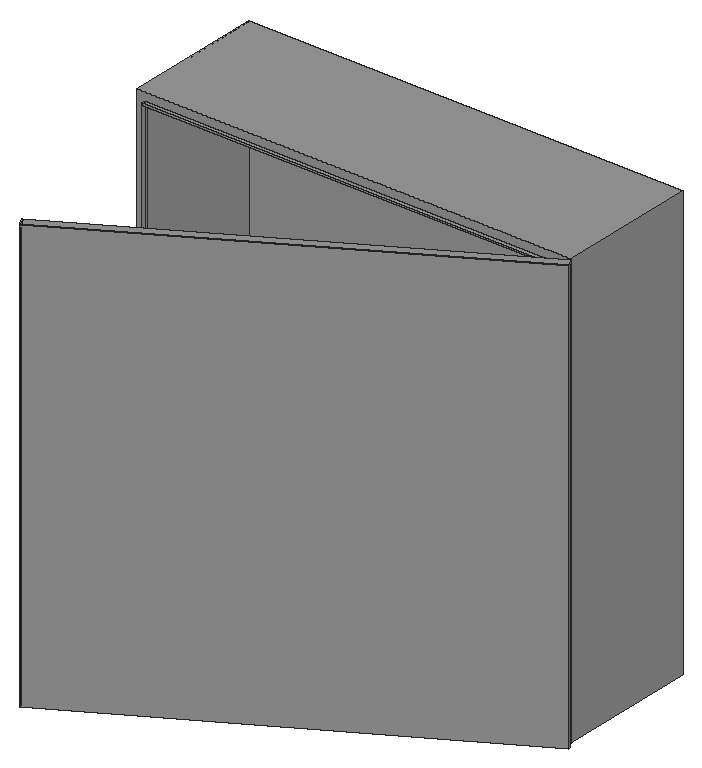
Revit family "Hager-Univers-IP55-D275-H800-Cl.II-Steel_encl-NoHosted-NL-en", category Equipement électrique, Revit 2020
Family settings
  Configuration du panneau = Deux colonnes, circuits au sein
  Cote de connecteur circulaire = Utiliser le diamètre
  Type d'élément = Tableau de raccordement
  Basée sur le plan de construction = Oui
  Toujours verticalement = Oui
  Couper avec des vides une fois chargée = Non
  Partagée = Non
  Point de calcul de pièce = Non
Parameters (values of type "Surface mounted (plaster) IP55 W800 H800 D275  - FR53S")
  Width Control [instance] = if([EF000008 - Width] > Min Width, [EF000008 - Width], Min Width)  # 800 mm
  Commentaires du type = [HG000003 - Range]  # "Univers"
  Thickness Door [instance] = if([EF009171 - Material plate thickness door/cover] > 3 mm, 3 mm, [EF009171 - Material plate thickness door/cover])  # 1.5 mm
  Seal Frame Offset [instance] = 17 mm  # constant formula
  Plinth Visibility [instance] = [HG000027 - Plinth height] > 0 mm  # no
  Min Width [instance] = 100 mm  # constant formula
  Min Depth [instance] = (2 * [EF009170 - Material plate thickness cabinet]) + 1 mm  # 4 mm
  Min Height [instance] = 100 mm  # constant formula
  Internal Frame Depth [instance] = (Door System Depth * 0.5)  # 9 mm
  Panel Name [instance] = ""  # (empty or 0)
  Model = ""
  HG000027 - Plinth height = 0 mm
  HG000026 - Floor standing = no
  HG000024 - Bottom section height = 600 mm
  HG000023 - Double section enclosure = no
  HG000016 - Door 3d visibility [instance] = yes
  HG000015 - Clearance visibility [instance] = no
  HG000014 - Door on the right [instance] = yes
  HG000013 - Door on the left [instance] = not([HG000014 - Door on the right])  # no
  HG000012 - Door swing angle [instance] = 30.00°
  HG000010 - Asymmetric doors = no
  HG000009 - Double swing door = no
  HG000006 - Flush mounted = no
  HG000004 - Manufacturer reference = "FR53S"
  HG000003 - Range = "Univers"
  HG000002 - With door or cover = yes
  Frame Offset Bottom [instance] = 10 mm  # constant formula
  Frame Offset [instance] = 15 mm  # constant formula
  EF015940 - Cover with overpressure release = no
  EF011959 - Degree of protection (NEMA) = ""
  EF009554 - Number of openings for flange plates = 6
  EF009212 - Cover model = "EV000116 - Closed"
  EF009171 - Material plate thickness door/cover = 1.5 mm
  EF009170 - Material plate thickness cabinet = 1.5 mm
  EF008873 - Nominal current (In) = 800 A
  EF007800 - Suitable for lightning protection = no
  EF006306 - With lock = no
  EF006244 - Transparent cover/door = no
  EF005474 - Degree of protection (IP) = "EV006420 - IP55"
  EF004464 - Type of door = "EV002646 - Single"
  EF004427 - Number of modules = 180
  EF004293 - Impact strength = "EV008784 - IK10"
  EF003532 - Suitable for outdoor use = no
  EF002950 - Width in number of modular spacings = 24
  EF001613 - Circuit integrity = "EV000494 - None"
  EF001596 - Material housing = "EV000179 - Steel"
  EF001131 - Internal depth = 275 mm
  EF001088 - Extension possible = yes
  EF000437 - Number of conduit inlets = 6
  EF000339 - Type of cover = "EV004216 - Door"
  EF000266 - Number of rows = 5
  EF000218 - Built-in depth = 0 mm
  EF000118 - With mounting plate = no
  EF000116 - RAL-number = "7035"
  EF000049 - Depth = 275 mm
  EF000040 - Height = 800 mm
  EF000008 - Width = 800 mm
  EF000007 - Colour = "EV000270 - Grey"
  EF000003 - Mounting method = "EV000384 - Surface mounted (plaster)"
  Door System Leaf Tolerance [instance] = 1.5 mm  # constant formula
  Door System Depth [instance] = 18 mm  # constant formula
  Door Height [instance] = Height Control - [HG000027 - Plinth height]  # 800 mm
  Description = ""
  Default Elevation = 1219.2 mm
  Connector Offset [instance] = Height Control / 2  # 400 mm
  Fabricant = "Hager"  # constant formula
  Height Control [instance] = if([EF000040 - Height] > Min Height, [EF000040 - Height], Min Height)  # 800 mm
  Depth Control [instance] = if([EF000049 - Depth] > Min Depth, [EF000049 - Depth], Min Depth)  # 275 mm
  Bottom Top Plate Trim [instance] = 1.5 mm  # constant formula
  Plinth height Ctrl [instance] = if([HG000027 - Plinth height] > 0 mm, [HG000027 - Plinth height], 12 mm)  # 12 mm
Types (5, lengths in mm): name | Width Control | HG000010 - Asymmetric doors | HG000009 - Double swing door | HG000004 - Manufacturer reference | EF009554 - Number of openings for flange plates | EF004464 - Type of door | EF004427 - Number of modules | EF000437 - Number of conduit inlets | EF000008 - Width
  Surface mounted (plaster) IP55 W1050 H800 D275  - FR54S | 1050 | no | yes | "FR54S" | 8 | "EV003602 - Double" | 240 | 8 | 1050
  Surface mounted (plaster) IP55 W1300 H800 D275  - FR55S | 1300 | yes | yes | "FR55S" | 10 | "EV003602 - Double" | 300 | 10 | 1300
  Surface mounted (plaster) IP55 W300 H800 D275  - FR51S | 300 | no | no | "FR51S" | 2 | "EV002646 - Single" | 60 | 2 | 300
  Surface mounted (plaster) IP55 W550 H800 D275  - FR52S | 550 | no | no | "FR52S" | 4 | "EV002646 - Single" | 120 | 4 | 550
  Surface mounted (plaster) IP55 W800 H800 D275  - FR53S | 800 | no | no | "FR53S" | 6 | "EV002646 - Single" | 180 | 6 | 800
Reference planes
  plane 1 "Center (Front/Back)": y = 0
  plane 2: z = 0
  plane 3 "Center (Left/Right)": x = 0
  plane 4: y = 0
  plane 5: y = 0
  plane 6: z = 0
  plane 7: x = -400
  plane 8: x = 400
  plane 9: x = 398.5
  plane 10: x = -398.5
  plane 11: z = 0
  plane 12: z = 1.5
  plane 13: y = -275
  plane 14: y = -1.5
  plane 15: x = 0
  plane 16: y = -257
  plane 17: y = -273.5
  plane 18: y = -255.5
  plane 19: x = -383.5
  plane 20: x = 383.5
  plane 21: z = 11.5
  plane 22: x = -383
  plane 23: x = 383
  plane 24: z = 0
  plane 25: z = 800
  plane 26: z = 800
  plane 27: z = 783.5
  plane 28: z = 798.5
Forms (mm)
  Extrusion 1, solid, material "Hager_Steel_RAL7035_Light_Grey", detail levels medium+fine
    sketch origin (-208.679, -4572, 0) x (-1, 0, 0) y (0, -1, 0)
      loop
        line (191.321, -4315) -> (-608.679, -4315) -> (-608.679, -4572) -> (191.321, -4572) -> (191.321, -4315)
    from 0 to 800
  Extrusion 2, void
    sketch origin (-350.771, -275, 1219.2) x (1, 0, 0) y (0, 0, 1)
      loop
        line (-47.729, -420.7) -> (-47.729, -1217.7) -> (749.271, -1217.7) -> (749.271, -420.7) -> (-47.729, -420.7)
    from -19.5 to -273.5
  Extrusion 3, void
    sketch origin (-290.084, -257, 1219.2) x (1, 0, 0) y (0, 0, 1)
      loop
        line (-93.416, -1207.7) -> (673.584, -1207.7) -> (673.584, -435.7) -> (-93.416, -435.7) -> (-93.416, -1207.7)
    from 0 to -1.5
  Extrusion 4, solid, material "Hager_Steel_RAL7035_Light_Grey", visible <- "Plinth Visibility", detail levels medium+fine
    sketch origin (0, 0, 0) x (1, 0, 0) y (0, 1, 0)
      loop
        line (-400, 0) -> (-400, -257) -> (400, -257) -> (400, 0) -> (-400, 0)
    from 0 to 12 <- "Plinth height Ctrl"
  Extrusion 5, solid, material "Hager_Steel_RAL7035_Light_Grey", detail levels coarse
    sketch origin (0, 0, 0) x (1, 0, 0) y (0, 1, 0)
      loop
        line (-400, 0) -> (-400, -275) -> (400, -275) -> (400, 0) -> (-400, 0)
    from 0 to 800 <- "Height Control"
  Sweep 6, void
    path in 3D
      loop
        line (-400, -257, 12) -> (400, -257, 12) -> (400, 0, 12) -> (-400, 0, 12) -> (-400, -257, 12)
    profile origin (-400, -128.5, 12) x (1, 0, 0) y (0, 0, 1)
      loop
        line (0, 0) -> (0, -1.5) -> (1.5, -1.5)
        arc (1.5, -1.5) -> (1.061, -0.439) -> (0, 0) r 1.5
  Extrusion 7, solid, material "Hager_Steel_RAL7035_Light_Grey", detail levels fine
    sketch origin (-400, -257, 0) x (1, 0, 0) y (0, 0, 1)
      loop
        line (16.5, 11.5) -> (783.5, 11.5) -> (783.5, 783.5) -> (16.5, 783.5) -> (16.5, 11.5)
      loop
        line (15, 10) -> (785, 10) -> (785, 785) -> (15, 785) -> (15, 10)
    from 0 to 9 <- "Internal Frame Depth"
Cuts and joins
  Extrusion 2, Extrusion 3 cuts Extrusion 1
  Sweep 6 cuts Extrusion 4
Lines and regions (mm)
  Masking region 1
    outline origin (0, 0, 0) x (1, 0, 0) y (0, 1, 0)
      loop
        line (-400, 0) -> (-400, -275) -> (400, -275) -> (400, 0) -> (-400, 0)
  Masking region 2, detail levels coarse
    outline origin (-290.084, -257, 1219.2) x (-1, 0, 0) y (0, 0, 1)
      loop
        line (-690.084, -1219.2) -> (109.916, -1219.2) -> (109.916, -419.2) -> (-690.084, -419.2) -> (-690.084, -1219.2)
  Masking region 3, detail levels coarse
    outline origin (0, 0, 0) x (0, 1, 0) y (0, 0, 1)
      loop
        line (0, 0) -> (0, 800) -> (-275, 800) -> (-275, 0) -> (0, 0)
  Masking region 4, visible <- "Plinth Visibility", detail levels medium+fine
    outline origin (0, 0, 0) x (0, 1, 0) y (0, 0, 1)
      loop
        line (-1.5, 12) -> (-255.5, 12)
        arc (-255.5, 12) -> (-255.939, 10.939) -> (-257, 10.5) r 1.5
        line (-257, 10.5) -> (-257, 0) -> (0, 0) -> (0, 10.5)
        arc (0, 10.5) -> (-1.061, 10.939) -> (-1.5, 12) r 1.5
  Masking region 5, detail levels medium+fine
    outline origin (0, 0, 594.038) x (0, 1, 0) y (0, 0, 1)
      loop
        line (0, -594.038) -> (0, 205.962) -> (-257, 205.962) -> (-257, -594.038) -> (0, -594.038)
  Masking region 6, detail levels medium+fine
    outline origin (-359.7, -257, 1211.883) x (-1, 0, 0) y (0, 0, 1)
      loop
        line (-759.7, -1211.883) -> (40.3, -1211.883) -> (40.3, -411.883) -> (-759.7, -411.883) -> (-759.7, -1211.883)
  Masking region 7, visible <- "Plinth Visibility", detail levels medium+fine
    outline origin (-320.334, -257, 1041.368) x (-1, 0, 0) y (0, 0, 1)
      loop
        line (-720.334, -1041.368) -> (79.666, -1041.368) -> (79.666, -1030.868)
        arc (79.666, -1030.868) -> (78.606, -1030.429) -> (78.166, -1029.368) r 1.5
        line (78.166, -1029.368) -> (-718.834, -1029.368)
        arc (-718.834, -1029.368) -> (-719.273, -1030.429) -> (-720.334, -1030.868) r 1.5
        line (-720.334, -1030.868) -> (-720.334, -1041.368)
  sketch lines
    curve 1: line (-400, 0, 12) -> (-400, -257, 12)
    curve 2: line (-400, -257, 12) -> (400, -257, 12)
    curve 3: line (400, 0, 12) -> (-400, 0, 12)
    curve 4: line (400, -257, 12) -> (400, 0, 12)
Dimensions and locks
  locked: plane 1 "Center (Front/Back)" to plane 5
  "EF009170 - Material plate thickness cabinet": plane 7 to plane 10
  "EF009170 - Material plate thickness cabinet": plane 8 to plane 9
  equal spacing: plane 7, plane 3 "Center (Left/Right)", plane 8
  "Width Control": plane 7 to plane 8
  "Depth Control": plane 4 to plane 13
  "EF009170 - Material plate thickness cabinet": plane 4 to plane 14
  "Height Control": plane 25 to level
  "HG000027 - Plinth height": plane 11 to level
  "EF009170 - Material plate thickness cabinet": plane 12 to plane 11
  "EF009170 - Material plate thickness cabinet": plane 17 to plane 13
  "EF009170 - Material plate thickness cabinet": plane 18 to plane 16
  "Frame Offset Bottom": plane 21 to plane 12
  "Frame Offset": plane 10 to plane 19
  "Frame Offset": plane 9 to plane 20
  "Door System Depth": plane 16 to plane 13
  "Seal Frame Offset": plane 7 to plane 22
  "Seal Frame Offset": plane 8 to plane 23
  "EF009170 - Material plate thickness cabinet": plane 26 to plane 28
  "Frame Offset": plane 28 to plane 27
  "Connector Offset": plane 2 to connector elem
  "Bottom Top Plate Trim": profile plane to Sweep 6 sketch curve
  "Bottom Top Plate Trim": Sweep 6 sketch curve to Sweep 6 sketch curve
  "Plinth height Ctrl": Masking region 4 sketch curve to level
  "Plinth height Ctrl": Masking region 7 sketch curve to level
  "Thickness Door": Extrusion 7 sketch curve to Extrusion 7 sketch curve  (x4)
  "Bottom Top Plate Trim": radius of Sweep 6 sketch curve
  "Bottom Top Plate Trim": radius of Masking region 4 sketch curve  (x2)
  "Bottom Top Plate Trim": radius of Masking region 7 sketch curve  (x2)
  aligned and locked: Extrusion 2 sketch curve to plane 12
  aligned and locked: Extrusion 2 sketch curve to plane 9
  aligned and locked: Extrusion 2 sketch curve to plane 10
  aligned and locked: Extrusion 2 to plane 14
  aligned and locked: Extrusion 1 sketch curve to plane 4
  aligned and locked: plane 8 to Extrusion 1 sketch curve
  aligned and locked: plane 7 to Extrusion 1 sketch curve
  aligned and locked: Extrusion 2 to plane 18
  aligned and locked: Extrusion 3 sketch curve to plane 19
  aligned and locked: plane 20 to Extrusion 3 sketch curve
  aligned and locked: Extrusion 3 to Extrusion 2
  aligned and locked: Extrusion 3 sketch curve to plane 21
  aligned and locked: plane 3 "Center (Left/Right)" to nested 1
  aligned and locked: Extrusion 1 sketch curve to plane 16
  aligned and locked: Extrusion 4 sketch curve to cut or joined group of Extrusion 1, Extrusion 2, Extrusion 3
  aligned and locked: Masking region 1 sketch curve to plane 7
  aligned and locked: Masking region 1 sketch curve to plane 5
  aligned and locked: Masking region 1 sketch curve to plane 8
  aligned and locked: Masking region 2 sketch curve to level
  aligned and locked: level to Masking region 3 sketch curve
  aligned and locked: plane 1 "Center (Front/Back)" to Masking region 3 sketch curve
  aligned and locked: plane 13 to Masking region 3 sketch curve
  aligned and locked: plane 5 to Masking region 4 sketch curve
  aligned and locked: Masking region 2 sketch curve to plane 8
  aligned and locked: Masking region 2 sketch curve to plane 7
  aligned and locked: plane 7 to nested 2
  aligned and locked: nested 2 to plane 5
  aligned and locked: plane 5 to Masking region 5 sketch curve
  aligned and locked: plane 26 to Masking region 5 sketch curve
  aligned and locked: Extrusion 5 sketch curve to plane 8
  aligned and locked: Extrusion 5 sketch curve to plane 7
  aligned and locked: Extrusion 5 sketch curve to plane 5
  aligned and locked: Extrusion 3 sketch curve to plane 27
  aligned and locked: Extrusion 2 sketch curve to plane 28
  aligned and locked: Masking region 2 to plane 25
  aligned and locked: Extrusion 4 to plane 16
  aligned and locked: profile plane to Sweep 6 sketch curve
  aligned and locked: Masking region 5 sketch curve to plane 24
  aligned and locked: level to Masking region 4 sketch curve
  aligned and locked: Masking region 1 to plane 13
  aligned and locked: nested 1 to plane 16
  aligned and locked: Masking region 3 to plane 25
  aligned and locked: plane 16 to Masking region 4 sketch curve
  aligned and locked: Masking region 5 sketch curve to plane 16
  aligned and locked: plane 24 to plane 11
  aligned and locked: plane 26 to plane 25
  aligned and locked: plane 26 to cut or joined group of Extrusion 1, Extrusion 2, Extrusion 3
  aligned and locked: nested 1 to plane 24
  aligned and locked: Extrusion 1 to Extrusion 3
  aligned and locked: Masking region 6 sketch curve to plane 8
  aligned and locked: Masking region 6 sketch curve to plane 24
  aligned and locked: Masking region 6 sketch curve to plane 7
  aligned and locked: Masking region 6 sketch curve to plane 26
  aligned and locked: Masking region 7 sketch curve to plane 7
  aligned and locked: level to Masking region 7 sketch curve
  aligned and locked: Masking region 7 sketch curve to plane 8
  aligned and locked: Extrusion 7 sketch curve to cut or joined group of Extrusion 1, Extrusion 2, Extrusion 3  (x4)
Automatic sketch dimensions
  plane 19 to Extrusion 3 sketch curve = 0 mm
  Extrusion 3 sketch curve to plane 20 = 0 mm
  Extrusion 3 sketch curve to plane 21 = 0 mm
  Extrusion 4 sketch curve to plane 7 = 0 mm
  Extrusion 4 sketch curve to plane 8 = 0 mm
  Extrusion 4 sketch curve to plane 16 = 0 mm
  Masking region 1 sketch curve to plane 13 = 0 mm
  Masking region 2 sketch curve to plane 25 = 0 mm
  Masking region 3 sketch curve to plane 25 = 0 mm
  Extrusion 5 sketch curve to plane 13 = 0 mm
  profile plane to Sweep 6 sketch curve = 0 mm
Nested families
  nested 1: "EC000058_Univers_Door" at (0, -257, 0), Double <- "HG000009 - Double swing door", Transparent <- "EF006244 - Transparent cover/door", Angle <- "HG000012 - Door swing angle", Door_Right <- "HG000014 - Door on the right", Assymetrical <- "HG000010 - Asymmetric doors", Door <- "HG000002 - With door or cover", Width_Ctrl <- "Width Control", 3d_Door <- "HG000016 - Door 3d visibility", Clearance <- "HG000015 - Clearance visibility", Door_Left <- "HG000013 - Door on the left", Width <- "Width Control", Door_Depth <- "Door System Depth", Leaf_Tolerance <- "Door System Leaf Tolerance", Height <- "Door Height", Lock_Visibility <- "EF006306 - With lock", Thickness <- "Thickness Door", type "EC000058_Univers_Door", detail levels medium+fine
    with min_wh 4 mm, Width_Ctrl 800 mm, Width 800 mm, Transparent no, Thickness 1.5 mm, Seal_Material Hager_Rubber, Lock_Visibility no, Lock_Material Hager_Plastic_RAL9005_Jet_Black, Leaf_Width 800 mm, Leaf_Tolerance_External_Sides 0 mm, Leaf_Tolerance 1.5 mm, Leaf_Offset 0 mm, Leaf_Height 797 mm, Leaf_2_Width 800 mm, Leaf_2_Offset 400 mm, Leaf_1_Width 800 mm, Leaf_1_Offset 400 mm, Height_Ctrl 800 mm, Height 800 mm, Glass_Material Hager_Glass, Double_Clearance_Ctrl no, Double no, Door_Right_Ctrl yes, Door_Right yes, Door_Material Hager_Steel_RAL7035_Light_Grey, Door_Left_Ctrl no, Door_Left no, Door_Depth 18 mm, Door yes, Clearance_Material Hager_Clearance, Clearance_Depth 800 mm, Clearance_Ctrl no, Clearance no, Assymetrical no, Angle 30.00°, 3d_Door yes
  nested 2: "Hager_Enclosure_Symbol" at (-400, 0, 0), Height <- "Depth Control", Width <- "Width Control", type "Hager_Enclosure_Symbol"
    with Width_Ctrl 800 mm, Width 800 mm, Height_Ctrl 275 mm, Height 275 mm, A_Width_Int 18.047 mm, A_Width 216.562 mm, A_Height_Ctrl 240.625 mm, A_Height 240.625 mm
Connectors
  electrical at (0, 0, 400)
    settings: on plane 1 "Center (Front/Back)", index 1, voltage 0 V, apparent load 0 VA, apparent load phase1 0 VA, apparent load phase2 0 VA, apparent load phase3 0 VA, power factor 1, load classification "Other", number of poles 1, system type 30, power factor state 1, is connector primary yes, connector utility no, sub classification motor no, connector description ""
Definition of nested family "EC000058_Univers_Door"
  Parameters (values of type "EC000058_Univers_Door")
    min_wh [instance] = (2 * Thickness) + 1 mm  # 11 mm
    Width_Ctrl [instance] = 400 mm
    Width [instance] = 500 mm
    Transparent [instance] = yes
    Thickness [instance] = 5 mm
    Seal_Material [instance] = none
    Lock_Visibility [instance] = yes
    Lock_Material [instance] = none
    Leaf_Width [instance] = if((Width_Ctrl - 2 * Leaf_Tolerance_External_Sides) > 0 mm, (Width_Ctrl - 2 * Leaf_Tolerance_External_Sides), min_wh)  # 400 mm
    Leaf_Tolerance_External_Sides [instance] = 0 mm  # constant formula
    Leaf_Tolerance [instance] = 1.5 mm
    Leaf_Offset [instance] = 0 mm  # constant formula
    Leaf_Height [instance] = if((Height_Ctrl - 2 * Leaf_Tolerance) > 0 mm, (Height_Ctrl - 2 * Leaf_Tolerance), min_wh)  # 497 mm
    Leaf_2_Width [instance] = if(and(and(Double, Assymetrical), Door_Left), (Leaf_Width / 3) - (Leaf_Tolerance / 2), if(and(and(Double, Assymetrical), Door_Right), (Leaf_Width / 3) * 2 - (Leaf_Tolerance / 2), if(and(Double, not(Assymetrical)), (Leaf_Width / 2) - Leaf_Tolerance, Leaf_Width)))  # 400 mm
    Leaf_2_Offset [instance] = if(and(Double, Assymetrical), Leaf_2_Width / 2, if(and(Double, not(Assymetrical)), Leaf_Width / 4, Leaf_Width / 2))  # 200 mm
    Leaf_1_Width [instance] = if(and(and(Double, Assymetrical), Door_Right), (Leaf_Width / 3) - (Leaf_Tolerance / 2), if(and(and(Double, Assymetrical), Door_Left), (Width / 3) * 2 - (Leaf_Tolerance / 2), if(and(Double, not(Assymetrical)), (Leaf_Width / 2) - Leaf_Tolerance, Leaf_Width)))  # 400 mm
    Leaf_1_Offset [instance] = if(and(Double, Assymetrical), Leaf_1_Width / 2, if(and(Double, not(Assymetrical)), Leaf_Width / 4, Leaf_Width / 2))  # 200 mm
    Height_Ctrl [instance] = if(Height > min_wh, Height, min_wh)  # 500 mm
    Height [instance] = 500 mm
    Glass_Material [instance] = none
    Double_Clearance_Ctrl [instance] = and(Double, Clearance)  # no
    Double [instance] = no
    Door_Right_Ctrl [instance] = and(or(Door_Right, Double), Door)  # yes
    Door_Right [instance] = yes
    Door_Material [instance] = none
    Door_Left_Ctrl [instance] = and(or(Door_Left, Double), Door)  # no
    Door_Left [instance] = no
    Door_Depth [instance] = 30 mm
    Door [instance] = yes
    Default Elevation = 1219.2 mm
    Clearance_Material [instance] = none
    Clearance_Depth [instance] = if(Leaf_1_Width > Leaf_2_Width, Leaf_1_Width, Leaf_2_Width)  # 400 mm
    Clearance_Ctrl [instance] = and(not(Double), Clearance)  # yes
    Clearance [instance] = yes
    Assymetrical [instance] = yes
    Angle [instance] = 30.00°
    3d_Door [instance] = yes
  Reference planes
    plane 1 "Center (Front/Back)": y = 0
    plane 2 "Bottom": z = 0
    plane 3 "Center (Left/Right)": x = 0
    plane 4: z = 500
    plane 5: x = -200
    plane 6: x = 200
    plane 7: z = 500
    plane 8: x = -200
    plane 9: z = 0
    plane 10: x = 200
    plane 11: y = 0
    plane 12: z = 1.5
    plane 13: x = -600
    plane 14: y = -400
    plane 15: x = 600
    plane 16: x = 0
    plane 17: x = 0
    plane 18: x = -200
    plane 19: x = 200
    plane 20: z = 498.5
  Forms (mm)
    Extrusion 1, solid, material <- "Clearance_Material", visible <- "Double_Clearance_Ctrl"
      sketch origin (1200, 0, 0) x (1, 0, 0) y (0, 0, -1)
        loop
          line (-1800, -498.5) -> (-600, -498.5) -> (-600, 0) -> (-1800, 0) -> (-1800, -498.5)
      from 0 to -400
  Dimensions and locks
    equal spacing: plane 5, plane 3 "Center (Left/Right)", plane 6
    "Width_Ctrl": plane 5 to plane 6
    "Leaf_Offset": plane 5 to plane 8
    "Leaf_Offset": plane 6 to plane 10
    "Leaf_Offset": plane 9 to level
    "Leaf_Offset": plane 4 to plane 7
    "Height_Ctrl": plane 4 to level
    "Leaf_Tolerance": plane 12 to plane 9
    locked: plane 11 to plane 1 "Center (Front/Back)"
    "Leaf_1_Offset": plane 18 to plane 16
    "Leaf_2_Offset": plane 17 to plane 19
    "Leaf_1_Width": plane 13 to plane 8
    "Leaf_2_Width": plane 10 to plane 15
    "Clearance_Depth": plane 14 to plane 1 "Center (Front/Back)"
    "Leaf_Tolerance_External_Sides": plane 8 to plane 18
    "Leaf_Tolerance_External_Sides": plane 19 to plane 10
    "Leaf_Tolerance": plane 7 to plane 20
    aligned and locked: level to plane 2 "Bottom"
    aligned and locked: nested 1 to plane 16
    aligned and locked: nested 2 to plane 17
    aligned and locked: Extrusion 1 to plane 13
    aligned and locked: plane 15 to Extrusion 1
    aligned and locked: Extrusion 1 to plane 14
    aligned and locked: plane 12 to nested 1
    aligned and locked: nested 2 to plane 12
    aligned and locked: Extrusion 1 to plane 11
    aligned and locked: plane 20 to Extrusion 1
    aligned and locked: nested 2 to plane 11
    aligned and locked: nested 1 to plane 11
  Automatic sketch dimensions
    Extrusion 1 sketch curve to level = 0 mm
    plane 5 to Extrusion 1 sketch curve = 400 mm
    plane 6 to Extrusion 1 sketch curve = 400 mm
    Extrusion 1 sketch curve to plane 4 = 1.5 mm
  Nested families
    nested 1: "EC000058_Univers_Door_Leaf" at (0, 0, 1.5), Width <- "Leaf_1_Width", visible <- "Door_Left_Ctrl", Leaf_Height <- "Leaf_Height", Angle <- "Angle", 3d_Door <- "3d_Door", Transparent <- "Transparent", Clearance Material <- "Clearance_Material", Clearance <- "Clearance_Ctrl", Door_Material <- "Door_Material", Glass_Material <- "Glass_Material", Door_Depth <- "Door_Depth", Lock_Material <- "Lock_Material", Seal_Material <- "Seal_Material", Lock_Visibility <- "Lock_Visibility", Thickness <- "Thickness", type "EC000058_Univers_Door_Leaf"
      with Width 400 mm, Transparent_Glass_Offset 30 mm, Transparent_Ctrl yes, Transparent yes, Thickness 5 mm, Standard no, Seal_Material none, Seal_D2 8 mm, Seal_D1 1 mm, Offset_Internal_Frame 10 mm, Lock_Width 20 mm, Lock_Visibility_3d yes, Lock_Visibility yes, Lock_Thickness_3 3 mm, Lock_Thickness_2 1 mm, Lock_Thickness_1 3 mm, Lock_Radius_Offset_2 16 mm, Lock_Radius_Offset_1 15 mm, Lock_Radius_2 5 mm, Lock_Radius 6 mm, Lock_Offset 5 mm, Lock_Material none, Lock_Height 80 mm, Lock_Cover_Top_Offset_2d 17 mm, Lock_Cover_Height -65 mm, Leaf_Height 497 mm, Internal_Seal_Thickness 8 mm, Internal_Seal_Depth_2 4.5 mm, Internal_Frame_Depth 25 mm, Glass_Thickness -1 mm, Glass_Offset -2 mm, Glass_Material none, Door_Material none, Door_Depth 30 mm, Clearance Material none, Clearance yes, Angle_Ctrl 30.00°, Angle 30.00°, 3d_Door yes
    nested 2: "EC000058_Univers_Door_Leaf" at (0, 0, 1.5) x (-1, 0, 0) z (0, 0, 1), Width <- "Leaf_2_Width", visible <- "Door_Right_Ctrl", Leaf_Height <- "Leaf_Height", Angle <- "Angle", 3d_Door <- "3d_Door", Transparent <- "Transparent", Clearance Material <- "Clearance_Material", Clearance <- "Clearance_Ctrl", Door_Material <- "Door_Material", Glass_Material <- "Glass_Material", Door_Depth <- "Door_Depth", Lock_Material <- "Lock_Material", Seal_Material <- "Seal_Material", Lock_Visibility <- "Lock_Visibility", Thickness <- "Thickness", type "EC000058_Univers_Door_Leaf"
      with Width 400 mm, Transparent_Glass_Offset 30 mm, Transparent_Ctrl yes, Transparent yes, Thickness 5 mm, Standard no, Seal_Material none, Seal_D2 8 mm, Seal_D1 1 mm, Offset_Internal_Frame 10 mm, Lock_Width 20 mm, Lock_Visibility_3d yes, Lock_Visibility yes, Lock_Thickness_3 3 mm, Lock_Thickness_2 1 mm, Lock_Thickness_1 3 mm, Lock_Radius_Offset_2 16 mm, Lock_Radius_Offset_1 15 mm, Lock_Radius_2 5 mm, Lock_Radius 6 mm, Lock_Offset 5 mm, Lock_Material none, Lock_Height 80 mm, Lock_Cover_Top_Offset_2d 17 mm, Lock_Cover_Height -65 mm, Leaf_Height 497 mm, Internal_Seal_Thickness 8 mm, Internal_Seal_Depth_2 4.5 mm, Internal_Frame_Depth 25 mm, Glass_Thickness -1 mm, Glass_Offset -2 mm, Glass_Material none, Door_Material none, Door_Depth 30 mm, Clearance Material none, Clearance yes, Angle_Ctrl 30.00°, Angle 30.00°, 3d_Door yes
  Definition of nested family "EC000058_Univers_Door_Leaf"
    Parameters (values of type "EC000058_Univers_Door_Leaf")
      Width [instance] = 2000 mm
      Transparent_Glass_Offset [instance] = 30 mm
      Transparent_Ctrl [instance] = and(Transparent, [3d_Door])  # yes
      Transparent [instance] = yes
      Thickness [instance] = 5 mm
      Standard [instance] = and(not(Transparent), [3d_Door])  # no
      Seal_Material [instance] = none
      Seal_D2 [instance] = 8 mm  # constant formula
      Seal_D1 [instance] = 1 mm  # constant formula
      Offset_Internal_Frame [instance] = 10 mm  # constant formula
      Lock_Width [instance] = 20 mm  # constant formula
      Lock_Visibility_3d [instance] = and(Lock_Visibility, [3d_Door])  # yes
      Lock_Visibility [instance] = yes
      Lock_Thickness_3 [instance] = 3 mm  # constant formula
      Lock_Thickness_2 [instance] = 1 mm  # constant formula
      Lock_Thickness_1 [instance] = 3 mm  # constant formula
      Lock_Radius_Offset_2 [instance] = Lock_Radius_Offset_1 + 1 mm  # 16 mm
      Lock_Radius_Offset_1 [instance] = 15 mm  # constant formula
      Lock_Radius_2 [instance] = Lock_Radius - 1 mm  # 5 mm
      Lock_Radius [instance] = 6 mm  # constant formula
      Lock_Offset [instance] = 5 mm  # constant formula
      Lock_Material [instance] = none
      Lock_Height [instance] = 80 mm  # constant formula
      Lock_Cover_Top_Offset_2d [instance] = Lock_Radius_Offset_2 + 1 mm  # 17 mm
      Lock_Cover_Height [instance] = -(Lock_Height - Lock_Radius_Offset_1)  # -65 mm
      Leaf_Height [instance] = 2720.336 mm
      Internal_Seal_Thickness [instance] = 8 mm  # constant formula
      Internal_Seal_Depth_2 [instance] = 4.5 mm  # constant formula
      Internal_Frame_Depth [instance] = if(Door_Depth - Thickness > 5 mm, Door_Depth - Thickness, 5 mm)  # 25 mm
      Glass_Thickness [instance] = if(Thickness > 15 mm, Glass_Offset + 10 mm, -1 mm)  # -1 mm
      Glass_Offset [instance] = if(Thickness > 15 mm, -(Thickness + 10 mm) / 2, -2 mm)  # -2 mm
      Glass_Material [instance] = none
      Door_Material [instance] = none
      Door_Depth [instance] = 30 mm
      Default Elevation = 0 mm
      Clearance Material [instance] = none
      Clearance [instance] = yes
      Angle_Ctrl [instance] = if(Angle > 180.00°, 180.00°, Angle)  # 90.00°
      Angle [instance] = 90.00°
      3d_Door [instance] = yes
    Reference planes
      plane 1 "Center (Front/Back)": y = 0
      plane 2: z = 0
      plane 3 "Center (Left/Right)": x = 0
      plane 4: y = 2000
      plane 5: x = -1000
      plane 6: x = 1000
      plane 7: x = -3000
      plane 8: z = 2720.336
      plane 9: z = 30
      plane 10: z = 2690.336
      plane 11: x = 970
      plane 12: x = -970
      plane 13: y = -3
      plane 14: z = 107.833
      plane 15: y = -5
      plane 16: y = -223.314
      plane 17: x = -1000
      plane 18: z = 1360.168
      plane 19: y = 30
    Forms (mm)
      Extrusion 1, solid, material <- "Clearance Material", visible <- "Clearance"
        sketch origin (0, 0, 0) x (1, 0, 0) y (0, 0, 1)
          loop
            line (-3000, 2720.336) -> (-3000, 0) -> (1000, 0) -> (1000, 2720.336) -> (-3000, 2720.336)
        from 0 to -2000
      Extrusion 2, solid, material <- "Door_Material", visible <- "Standard", detail levels medium+fine
        sketch origin (-1000, 0, 0) x (0, 1, 0) y (-1, 0, 0)
          loop
            line (0, 30) -> (0, 25) -> (2000, 25) -> (2000, 30) -> (0, 30)
        from 0 to 2720.336 <- "Leaf_Height"
      Extrusion 3, solid, material <- "Door_Material", visible <- "Transparent_Ctrl", detail levels medium+fine
        sketch origin (-1000, 0, 0) x (0, 1, 0) y (-1, 0, 0)
          loop
            line (0, 25) -> (2000, 25) -> (2000, 30) -> (0, 30) -> (0, 25)
        from 0 to 2720.336 <- "Leaf_Height"
      Extrusion 4, void
        sketch origin (-1025, 2000, 0) x (0, 1, 0) y (0, 0, -1)
          loop
            line (-30, -2690.336) -> (-30, -30) -> (-1970, -30) -> (-1970, -2690.336) -> (-30, -2690.336)
        from 0 to 5 <- "Thickness"
      Sweep 5, solid, material <- "Seal_Material", visible <- "Transparent_Ctrl", detail levels fine
        path in 3D
          loop
            line (-1025, 30, 30) -> (-1025, 30, 2690.336) -> (-1025, 1970, 2690.336) -> (-1025, 1970, 30) -> (-1025, 30, 30)
        profile origin (-1025, 1000, 30) x (1, 0, 0) y (0, 0, 1)
          loop
            line (0, 0) -> (0, -8) -> (1, -8) -> (1, 0) -> (0, 0)
      Extrusion 6, solid, material <- "Glass_Material", visible <- "Transparent_Ctrl", detail levels medium+fine
        sketch origin (-1030, 0, 0) x (0, 1, 0) y (0, 0, -1)
          loop
            line (1970, -2690.336) -> (1970, -30) -> (30, -30) -> (30, -2690.336) -> (1970, -2690.336)
        from -2 <- "Glass_Offset" to -1 <- "Glass_Thickness"
      Extrusion 7, solid, material <- "Door_Material", visible <- "3d_Door", detail levels medium+fine
        sketch origin (-1025, 2000, 0) x (0, -1, 0) y (0, 0, -1)
          loop
            line (0, -2720.336) -> (2000, -2720.336) -> (2000, 0) -> (0, 0) -> (0, -2720.336)
          loop
            line (1995, -5) -> (5, -5) -> (5, -2715.336) -> (1995, -2715.336) -> (1995, -5)
        from 0 to 25 <- "Internal_Frame_Depth"
      Sweep 8, solid, material <- "Seal_Material", visible <- "Transparent_Ctrl", detail levels fine
        path in 3D
          loop
            line (-1025, 0, 0) -> (-1025, 2000, 0) -> (-1025, 2000, 2720.336) -> (-1025, 0, 2720.336) -> (-1025, 0, 0)
        profile origin (-1025, 0, 1360.168) x (1, 0, 0) y (0, 1, 0)
          loop
            line (0, 10) -> (2.975, 10)
            arc (2.975, 10) -> (4.053, 10.447) -> (4.5, 11.525) r 1.525
            line (4.5, 11.525) -> (4.5, 16.527)
            arc (4.5, 16.527) -> (4.069, 17.569) -> (3.027, 18) r 1.473
            line (3.027, 18) -> (0, 18) -> (0, 10)
      Extrusion 9, solid, material <- "Lock_Material", visible <- "Lock_Visibility_3d", detail levels fine
        sketch origin (-1030, 0, 0) x (0, 1, 0) y (0, 0, -1)
          loop
            arc (1993.5, -1400.168) -> (1994.561, -1399.729) -> (1995, -1398.668) r 1.5
            line (1995, -1398.668) -> (1995, -1320.168) -> (1975, -1320.168) -> (1975, -1398.668)
            arc (1975, -1398.668) -> (1975.439, -1399.729) -> (1976.5, -1400.168) r 1.5
            line (1976.5, -1400.168) -> (1993.5, -1400.168)
        from 3 <- "Lock_Thickness_1" to 0
      Blend 10, solid, material <- "Lock_Material", visible <- "Lock_Visibility_3d", detail levels fine
        base sketch origin (-1033, 0, 0) x (0, 1, 0) y (0, 0, -1)
          loop
            line (1975, -1320.168) -> (1975, -1398.668)
            arc (1975, -1398.668) -> (1975.439, -1399.729) -> (1976.5, -1400.168) r 1.5
            line (1976.5, -1400.168) -> (1993.5, -1400.168)
            arc (1993.5, -1400.168) -> (1994.561, -1399.729) -> (1995, -1398.668) r 1.5
            line (1995, -1398.668) -> (1995, -1320.168) -> (1975, -1320.168)
        top sketch origin (-1033, 0, 0) x (0, 1, 0) y (0, 0, -1)
          loop
            line (1976, -1320.168) -> (1976, -1398.668)
            arc (1976, -1398.668) -> (1976.146, -1399.022) -> (1976.5, -1399.168) r 0.5
            line (1976.5, -1399.168) -> (1993.5, -1399.168)
            arc (1993.5, -1399.168) -> (1993.854, -1399.022) -> (1994, -1398.668) r 0.5
            line (1994, -1398.668) -> (1994, -1320.168) -> (1976, -1320.168)
        from 0 to 1 <- "Lock_Thickness_2"
      Blend 11, solid, material <- "Lock_Material", visible <- "Lock_Visibility_3d", detail levels fine
        base sketch origin (-1034, 0, 0) x (0, 1, 0) y (0, 0, -1)
          loop
            line (1978, -1320.168) -> (1978, -1384.168)
            arc (1978, -1384.168) -> (1985, -1391.168) -> (1992, -1384.168) r 7
            line (1992, -1384.168) -> (1992, -1320.168) -> (1978, -1320.168)
        top sketch origin (-1034, 0, 0) x (0, 1, 0) y (0, 0, -1)
          loop
            line (1991, -1320.168) -> (1979, -1320.168) -> (1979, -1383.168)
            arc (1979, -1383.168) -> (1985, -1389.168) -> (1991, -1383.168) r 6
            line (1991, -1383.168) -> (1991, -1320.168)
        from 0 to 3 <- "Lock_Thickness_3"
      Extrusion 12, solid, material <- "Lock_Material", visible <- "Lock_Visibility_3d", detail levels fine
        sketch origin (-1030, 1975, 1320.168) x (1, 0, 0) y (0, -1, 0)
          loop
            line (-7, -19) -> (-7, -1) -> (0, -1) -> (0, 0) -> (-8, 0) -> (-8, -20) -> (0, -20) -> (0, -19) -> (-7, -19)
        from 0 to -65 <- "Lock_Cover_Height"
      Extrusion 13, void
        sketch origin (-1038, 1995, 1320.168) x (-1, 0, 0) y (0, 0, -1)
          loop
            line (-5, -65) -> (0, -65) -> (-5, -60) -> (-5, -65)
        from 0 to 20 <- "Lock_Width"
      Extrusion 14, void
        sketch origin (-1038, 1975, 1320.168) x (0, -1, 0) y (0, 0, -1)
          loop
            circle (-10, -15.995) r 6
          loop
            circle (-10, -15.995) r 5
        from 0 to 2
      Extrusion 15, solid, material <- "Lock_Material", visible <- "Lock_Visibility_3d", detail levels medium
        sketch origin (-1030, 0, 0) x (0, 1, 0) y (0, 0, -1)
          loop
            arc (1993.5, -1400.168) -> (1994.561, -1399.729) -> (1995, -1398.668) r 1.5
            line (1995, -1398.668) -> (1995, -1320.168) -> (1975, -1320.168) -> (1975, -1398.668)
            arc (1975, -1398.668) -> (1975.439, -1399.729) -> (1976.5, -1400.168) r 1.5
            line (1976.5, -1400.168) -> (1993.5, -1400.168)
        from 8 to 0
    Cuts and joins
      Extrusion 4 cuts Extrusion 3
      Extrusion 13, Extrusion 14 cuts Extrusion 9
      Extrusion 14 cuts Blend 11
      Extrusion 13, Extrusion 14 cuts Extrusion 12
      joined: Extrusion 9, Blend 10, Blend 11, Extrusion 12
      Extrusion 14 cuts Extrusion 15
    Lines and regions (mm)
      Masking region 1, visible <- "Lock_Visibility", detail levels fine
        outline origin (0, 0, 0) x (0, 1, 0) y (0, 0, 1)
          loop
            line (30, 1320.168) -> (33, 1320.168) -> (33, 1400.168) -> (30, 1400.168) -> (30, 1320.168)
      Masking region 2, visible <- "Lock_Visibility", detail levels fine
        outline origin (0, 3.143, 0) x (0, 1, 0) y (0, 0, 1)
          loop
            line (29.857, 1354.168) -> (30.857, 1354.168) -> (30.857, 1366.168) -> (29.857, 1366.168) -> (29.857, 1354.168)
      Masking region 3, detail levels medium+fine
        outline origin (0, 0, 0) x (0, 1, 0) y (0, 0, 1)
          loop
            line (0, 0) -> (30, 0) -> (30, 2720.336) -> (0, 2720.336) -> (0, 0)
      Masking region 4, detail levels medium+fine
        outline origin (0, 0, 0) x (1, 0, 0) y (0, 0, 1)
          loop
            line (-1000, 2720.336) -> (-1000, 0) -> (1000, 0) -> (1000, 2720.336) -> (-1000, 2720.336)
      Masking region 5, visible <- "Lock_Visibility", detail levels fine
        outline origin (-47.116, 0, 0) x (1, 0, 0) y (0, 0, 1)
          loop
            arc (1024.616, 1399.168) -> (1023.556, 1398.729) -> (1023.116, 1397.668) r 1.5
            line (1023.116, 1397.668) -> (1023.116, 1320.168) -> (1041.116, 1320.168) -> (1041.116, 1397.668)
            arc (1041.116, 1397.668) -> (1040.677, 1398.729) -> (1039.616, 1399.168) r 1.5
            line (1039.616, 1399.168) -> (1024.616, 1399.168)
      Masking region 6, visible <- "Lock_Visibility", detail levels medium+fine
        outline origin (-25, 0, 0) x (1, 0, 0) y (0, 0, 1)
          loop
            arc (1001.5, 1400.168) -> (1000.439, 1399.729) -> (1000, 1398.668) r 1.5
            line (1000, 1398.668) -> (1000, 1320.168) -> (1020, 1320.168) -> (1020, 1398.668)
            arc (1020, 1398.668) -> (1019.561, 1399.729) -> (1018.5, 1400.168) r 1.5
            line (1018.5, 1400.168) -> (1001.5, 1400.168)
      Masking region 7, visible <- "Lock_Visibility", detail levels fine
        outline origin (-73.735, 0, 0) x (1, 0, 0) y (0, 0, 1)
          loop
            line (1051.735, 1382.168) -> (1065.735, 1382.168) -> (1065.735, 1384.168)
            arc (1065.735, 1384.168) -> (1058.735, 1391.168) -> (1051.735, 1384.168) r 7
            line (1051.735, 1384.168) -> (1051.735, 1382.168)
      Masking region 8, visible <- "Lock_Visibility", detail levels fine
        outline origin (-73.735, 0, 0) x (1, 0, 0) y (0, 0, 1)
          loop
            line (1052.735, 1382.168) -> (1064.735, 1382.168) -> (1064.735, 1383.168)
            arc (1064.735, 1383.168) -> (1058.735, 1389.168) -> (1052.735, 1383.168) r 6
            line (1052.735, 1383.168) -> (1052.735, 1382.168)
      Masking region 9, visible <- "Lock_Visibility", detail levels fine
        outline origin (-25, 0, 0) x (1, 0, 0) y (0, 0, 1)
          loop
            line (1020, 1320.168) -> (1020, 1382.168) -> (1000, 1382.168) -> (1000, 1320.168) -> (1020, 1320.168)
      Masking region 10, detail levels medium+fine
        outline origin (0, 0, 0) x (1, 0, 0) y (0, 0, 1)
          loop
            circle (985, 1335.144) r 6
      Masking region 11, detail levels fine
        outline origin (0, 0, 0) x (1, 0, 0) y (0, 0, 1)
          loop
            circle (985, 1335.144) r 5
      Masking region 12, visible <- "Lock_Visibility", detail levels fine
        outline origin (0, 12.767, 0) x (0, 1, 0) y (0, 0, 1)
          loop
            line (20.233, 1320.168) -> (21.233, 1320.168) -> (21.233, 1399.168) -> (20.233, 1400.168) -> (20.233, 1320.168)
      Masking region 13, visible <- "Lock_Visibility", detail levels fine
        outline origin (0, 13.767, -10) x (0, 1, 0) y (0, 0, 1)
          loop
            line (20.233, 1330.168) -> (23.233, 1330.168) -> (23.233, 1399.168) -> (20.233, 1402.168) -> (20.233, 1330.168)
      Masking region 14, visible <- "Lock_Visibility", detail levels fine
        outline origin (0, 12.767, -10) x (0, 1, 0) y (0, 0, 1)
          loop
            line (20.233, 1330.168) -> (25.233, 1330.168) -> (25.233, 1399.305) -> (20.233, 1394.305) -> (20.233, 1330.168)
      Masking region 15, visible <- "Lock_Visibility", detail levels medium
        outline origin (0, 0, 0) x (0, 1, 0) y (0, 0, 1)
          loop
            line (30, 1320.168) -> (38, 1320.168) -> (38, 1400.168) -> (30, 1400.168) -> (30, 1320.168)
      Masking region 16, visible <- "Lock_Visibility", detail levels fine
        outline origin (-1000, 0, 0) x (0, 1, 0) y (-1, 0, 0)
          loop
            line (1975, 30) -> (1995, 30) -> (1995, 38) -> (1975, 38) -> (1975, 30)
          loop
            line (1979, 37) -> (1976, 37) -> (1976, 34) -> (1978, 34) -> (1979, 37)
          loop
            line (1994, 37) -> (1991, 37) -> (1992, 34) -> (1994, 34) -> (1994, 37)
      Masking region 17, visible <- "Lock_Visibility", detail levels medium
        outline origin (-1000, 0, 0) x (0, 1, 0) y (-1, 0, 0)
          loop
            line (1975, 30) -> (1995, 30) -> (1995, 38) -> (1975, 38) -> (1975, 30)
      symbolic lines
        curve 1: line (1000, 0, 0) -> (-3000, 0, 0)
        curve 2: arc (1000, 0, 0) -> (-1000, 2000, 0) -> (-3000, 0, 0) r 2000
        curve 4: line (-1030, 0, 0) -> (-1030, 2000, 0)
      reference lines
        curve 3: line (-1000, 0, 0) -> (-1000, 2000, 0)
      symbolic lines, detail levels medium+fine
        curve 5: line (-1030, 2000, 0) -> (-1025, 2000, 0)
        curve 7: line (-1025, 0, 0) -> (-1030, 0, 0)
        curve 8: line (-1025, 0, 0) -> (-1000, 0, 0)
        curve 9: line (-1000, 0, 0) -> (-1000, 2000, 0)
        curve 10: line (-1000, 2000, 0) -> (-1025, 2000, 0)
      symbolic lines, detail levels fine
        curve 6: line (-1025, 2000, 0) -> (-1025, 0, 0)
      sketch lines
        curve 11: line (-1025, 0, 2720.336) -> (-1025, 0, 0)
        curve 12: line (-1025, 2000, 0) -> (-1025, 0, 0)
        curve 13: line (-1025, 2000, 2720.336) -> (-1025, 2000, 0)
        curve 14: line (-1025, 0, 2720.336) -> (-1025, 2000, 2720.336)
        curve 15: line (-1025, 1970, 30) -> (-1025, 30, 30)
        curve 16: line (-1025, 30, 30) -> (-1025, 30, 2690.336)
        curve 17: line (-1025, 1970, 2690.336) -> (-1025, 1970, 30)
        curve 18: line (-1025, 30, 2690.336) -> (-1025, 1970, 2690.336)
      symbolic lines, visible <- "Transparent", detail levels medium+fine
        curve 19: line (-970, 0, 2690.336) -> (970, 0, 2690.336)
        curve 20: line (-970, 0, 30) -> (-970, 0, 2690.336)
        curve 21: line (970, 0, 30) -> (-970, 0, 30)
        curve 22: line (970, 0, 2690.336) -> (970, 0, 30)
    Dimensions and locks
      "Width": plane 1 "Center (Front/Back)" to plane 4
      equal spacing: plane 5, plane 3 "Center (Left/Right)", plane 6
      "Width": plane 5 to plane 6
      "Width": plane 7 to plane 5
      "Leaf_Height": plane 8 to level
      "Width": curve 5 to curve 3
      "Width": curve 3 to curve 3
      plane 8 to plane 10 = 30 mm
      plane 9 to level = 30 mm
      plane 12 to plane 5 = 30 mm
      plane 6 to plane 11 = 30 mm
      Extrusion 1 to Extrusion 4 sketch curve = 30 mm
      "Transparent_Glass_Offset": curve 3 to Extrusion 4 sketch curve
      "Transparent_Glass_Offset": Extrusion 4 sketch curve to cut or joined group of Extrusion 3, Extrusion 4  (x2)
      cut or joined group of Extrusion 3, Extrusion 4 to Extrusion 6 sketch curve = 30 mm
      "Transparent_Glass_Offset": cut or joined group of Extrusion 3, Extrusion 4 to Extrusion 4 sketch curve
      "Thickness": curve 6 to curve 4
      "Thickness": Extrusion 7 sketch curve to Extrusion 7 sketch curve  (x4)
      "Door_Depth": curve 4 to curve 3
      "Offset_Internal_Frame": profile plane to Sweep 8 sketch curve
      "Internal_Seal_Thickness": Sweep 8 sketch curve to Sweep 8 sketch curve
      "Internal_Seal_Depth_2": profile plane to Sweep 8 sketch curve
      "Seal_D1": profile plane to Sweep 5 sketch curve
      "Seal_D2": profile plane to Sweep 5 sketch curve
      "Thickness": Extrusion 2 sketch curve to Extrusion 2 sketch curve
      equal spacing: Extrusion 9 sketch curve, plane 18, Extrusion 9 sketch curve  (x2)
      equal spacing: Masking region 1 sketch curve, plane 18, Masking region 1 sketch curve
      "Lock_Height": Masking region 1 sketch curve to Masking region 1 sketch curve
      "Lock_Radius": Masking region 2 sketch curve to plane 18 to Masking region 2 sketch curve
      Masking region 2 sketch curve to Masking region 1 = 1 mm
      "Door_Depth": plane 19 to plane 1 "Center (Front/Back)"
      "Lock_Thickness_1": Masking region 1 sketch curve to plane 19
      "Lock_Width": Extrusion 9 sketch curve to Extrusion 9 sketch curve
      "Lock_Height": Extrusion 9 sketch curve to Extrusion 9 sketch curve
      "Lock_Offset": cut or joined group of Extrusion 3, Extrusion 4 to Extrusion 9 sketch curve
      equal spacing: plane 8, plane 18, level
      "Lock_Radius_Offset_1": Blend 11 sketch curve to Blend 10
      locked: Blend 10 to Blend 11 sketch curve at 2  (x2)
      locked: var sketch to Blend 11 sketch curve at 1  (x2)
      "Lock_Radius_Offset_2": Blend 11 sketch curve to Blend 10
      locked: Extrusion 12 sketch curve to Extrusion 12 sketch curve at 1  (x3)
      Masking region 6 sketch curve to Masking region 6 sketch curve = 80 mm
      "Lock_Height": Masking region 6 sketch curve to Masking region 6 sketch curve
      "Lock_Width": Masking region 6 sketch curve to Masking region 6 sketch curve
      locked: Masking region 6 to Masking region 5 sketch curve at 1  (x3)
      locked: Masking region 5 to Masking region 7 sketch curve at 2  (x2)
      "Lock_Radius_Offset_1": Masking region 5 to Masking region 7 sketch curve
      "Lock_Radius_Offset_2": Masking region 5 to Masking region 8 sketch curve
      locked: Masking region 7 to Masking region 8 sketch curve at 1  (x2)
      "Lock_Cover_Top_Offset_2d": Masking region 5 to Masking region 9 sketch curve
      equal spacing: Masking region 9, Masking region 10 sketch curve, Masking region 9
      equal spacing: Masking region 9, Masking region 11 sketch curve, Masking region 9
      Extrusion 15 sketch curve to Extrusion 15 sketch curve = 80 mm
      "Lock_Width": Extrusion 15 sketch curve to Extrusion 15 sketch curve
      "Lock_Height": Extrusion 15 sketch curve to Extrusion 15 sketch curve
      equal spacing: Extrusion 15 sketch curve, plane 18, Extrusion 15 sketch curve
      "Lock_Thickness_3": Masking region 13 sketch curve to Masking region 13 sketch curve
      "Lock_Height": Masking region 12 sketch curve to Masking region 12 sketch curve
      locked: Masking region 13 sketch curve to Masking region 1 at 8
      locked: Masking region 14 sketch curve to Masking region 13 at 1
      locked: Masking region 14 sketch curve to Masking region 1 at 10.863
      "Lock_Height": Masking region 15 sketch curve to Masking region 15 sketch curve
      "Lock_Offset": Extrusion 15 sketch curve to cut or joined group of Extrusion 3, Extrusion 4
      "Lock_Offset": plane 6 to Masking region 6 sketch curve
      radius of Sweep 8 sketch curve = 1.525 mm
      radius of Sweep 8 sketch curve = 1.473 mm
      radius of Extrusion 9 sketch curve = 1.5 mm  (x2)
      "Lock_Radius": radius of Extrusion 14 sketch curve
      "Lock_Radius_2": radius of Extrusion 14 sketch curve
      "Lock_Radius": radius of Masking region 10 sketch curve
      "Lock_Radius_2": radius of Masking region 11 sketch curve
      radius of Extrusion 15 sketch curve = 1.5 mm  (x2)
      "Angle_Ctrl": angle plane 1 "Center (Front/Back)" to curve 3
      locked: Masking region 12 sketch curve to Masking region 12 sketch curve (angle 45.00°)
      locked: Masking region 13 sketch curve to Masking region 13 sketch curve (angle 45.00°)
      locked: Masking region 14 sketch curve to Masking region 14 sketch curve (angle 45.00°)
      aligned and locked: level to plane 2
      aligned and locked: Extrusion 1 to curve 1
      aligned and locked: plane 6 to Extrusion 1
      aligned and locked: Extrusion 1 to plane 1 "Center (Front/Back)"
      aligned and locked: plane 4 to Extrusion 1
      aligned and locked: plane 8 to Extrusion 1
      aligned and locked: curve 7 to Extrusion 2 sketch curve
      aligned and locked: curve 5 to Extrusion 2 sketch curve
      aligned and locked: curve 7 to Extrusion 3 sketch curve
      aligned and locked: Extrusion 3 sketch curve to curve 4
      aligned and locked: Extrusion 3 sketch curve to curve 6
      aligned and locked: Extrusion 3 sketch curve to curve 5
      aligned and locked: curve 9 to curve 3
      aligned and locked: Extrusion 7 sketch curve to cut or joined group of Extrusion 3, Extrusion 4  (x4)
      aligned and locked: plane 17 to curve 3
      aligned and locked: plane 1 "Center (Front/Back)" to curve 3
      aligned and locked: plane 17 to plane 5
      aligned and locked: Sweep 8 sketch curve to profile plane
      aligned and locked: Sweep 5 sketch curve to profile plane  (x2)
      aligned and locked: Masking region 1 to Masking region 2 sketch curve
      aligned and locked: plane 19 to Masking region 1 sketch curve
      aligned and locked: plane 1 "Center (Front/Back)" to Masking region 3 sketch curve
      aligned and locked: plane 19 to Masking region 3 sketch curve
      aligned and locked: level to Masking region 3 sketch curve
      aligned and locked: Masking region 3 sketch curve to plane 8
      aligned and locked: plane 17 to Masking region 4 sketch curve
      aligned and locked: level to Masking region 4 sketch curve
      aligned and locked: Masking region 4 sketch curve to plane 8
      aligned and locked: plane 12 to curve 20
      aligned and locked: plane 10 to curve 19
      aligned and locked: plane 11 to curve 22
      aligned and locked: curve 21 to plane 9
      aligned and locked: Extrusion 2 sketch curve to cut or joined group of Extrusion 3, Extrusion 4
      aligned and locked: Blend 10 sketch curve to Extrusion 9  (x4)
      aligned and locked: Extrusion 9 to Blend 10 sketch curve
      aligned and locked: Blend 10 to Blend 11 sketch curve
      aligned and locked: Extrusion 12 sketch curve to Blend 11
      aligned and locked: Extrusion 12 sketch curve to Extrusion 9  (x4)
      aligned and locked: Masking region 5 sketch curve to Masking region 6
      aligned and locked: Masking region 9 sketch curve to Masking region 6  (x3)
      aligned and locked: Masking region 12 sketch curve to Masking region 1
      aligned and locked: Masking region 13 sketch curve to Masking region 1
      aligned and locked: Masking region 12 to Masking region 14
      aligned and locked: Masking region 14 sketch curve to Masking region 1
      aligned and locked: Masking region 15 sketch curve to Masking region 14
      aligned and locked: Masking region 13 sketch curve to Masking region 12
      aligned and locked: Masking region 16 sketch curve to cut or joined group of Extrusion 14, Extrusion 15  (x4)
      aligned and locked: Masking region 16 sketch curve to cut or joined group of Extrusion 9, Blend 10, Blend 11, Extrusion 12, Extrusion 13, Extrusion 14  (x6)
      aligned and locked: cut or joined group of Extrusion 9, Blend 10, Blend 11, Extrusion 12, Extrusion 13, Extrusion 14 to Masking region 16 sketch curve
      aligned and locked: Masking region 17 sketch curve to cut or joined group of Extrusion 14, Extrusion 15  (x3)
      aligned and locked: Masking region 17 sketch curve to cut or joined group of Extrusion 9, Blend 10, Blend 11, Extrusion 12, Extrusion 13, Extrusion 14
      aligned and locked: Masking region 9 to Masking region 8 sketch curve
      aligned and locked: Masking region 9 to Masking region 7 sketch curve
    Automatic sketch dimensions
      plane 1 "Center (Front/Back)" to curve 2 = 0 mm
      curve 2 to plane 5 = 0 mm
      Extrusion 1 sketch curve to level = 0 mm
      Extrusion 1 sketch curve to plane 7 = 0 mm
      Extrusion 1 sketch curve to plane 6 = 0 mm
      Extrusion 1 sketch curve to plane 8 = 0 mm
      Extrusion 3 to Extrusion 6 sketch curve = 30 mm  (x4)
      Masking region 4 sketch curve to plane 6 = 0 mm
      Blend 10 sketch curve to Extrusion 9 = 1.5 mm
      Blend 10 sketch curve to Extrusion 9 = 1 mm
      Extrusion 13 sketch curve to Extrusion 12 = 0 mm  (x2)
      Extrusion 12 to Extrusion 13 sketch curve = 3 mm
      Extrusion 13 sketch curve to Extrusion 12 = 5 mm
      Extrusion 14 sketch curve to Extrusion 14 sketch curve = 0 mm  (x2)
      Extrusion 14 sketch curve to Extrusion 12 = 10 mm
      Extrusion 14 sketch curve to Extrusion 12 = 15.995 mm
      Masking region 5 sketch curve to Masking region 5 sketch curve = 1.5 mm  (x2)
      Masking region 10 sketch curve to plane 18 = 25.024 mm
      Masking region 11 sketch curve to plane 18 = 25.024 mm
      plane 19 to Masking region 14 sketch curve = 3 mm
      Masking region 16 sketch curve to Masking region 16 sketch curve = 3 mm
      curve 4 to curve 3 = 0 mm
      Blend 10 to Blend 11 sketch curve = 0 mm
      Masking region 6 sketch curve to Masking region 6 sketch curve = 1.5 mm  (x2)
      Masking region 6 sketch curve to plane 18 = 40 mm
      plane 19 to Masking region 12 sketch curve = 3 mm
      Masking region 12 sketch curve to Masking region 12 sketch curve = 1 mm
      Masking region 15 sketch curve to plane 19 = 0 mm
      Masking region 15 sketch curve to plane 18 = 40 mm
      radius of Blend 10 sketch curve to Extrusion 9 = 1 mm
Definition of nested family "Hager_Enclosure_Symbol"
  Parameters (values of type "Hager_Enclosure_Symbol")
    Width_Ctrl [instance] = if(Width > 1 mm, Width, 1 mm)  # 102.27 mm
    Width [instance] = 102.27 mm
    Height_Ctrl [instance] = if(Height > 1 mm, Height, 1 mm)  # 66.5 mm
    A_Width_Int [instance] = if(A_Width / 12 > 2 mm, A_Width / 12, 2 mm)  # 4.364 mm
    A_Width [instance] = if(A_Height_Ctrl * 0.9 > 2 mm, A_Height_Ctrl * 0.9, 2 mm)  # 52.369 mm
    A_Height_Ctrl [instance] = if(A_Height > 2 mm, A_Height, 2 mm)  # 58.188 mm
    Height [instance] = 66.5 mm
    A_Height [instance] = Height - (Height / 8)  # 58.188 mm
  Reference planes
    plane 1 "Centre (avant/arrière)": y = 0
    plane 2: z = 0
    plane 3 "Centre (gauche/droite)": x = 0
    plane 4: x = 52.369
    plane 5: y = 33.042
    plane 6: y = 41.77
    plane 7: y = 66.5
    plane 8: x = 26.184
    plane 9: y = 37.406
    plane 10: x = 102.27
    plane 11: y = 66.5
    plane 12: y = 8.313
  Lines and regions (mm)
    Filled region 1, type "Solid_Black", in view "Niveau de réf."
      outline origin (0, 0, 0) x (1, 0, 0) y (0, 1, 0)
        loop
          line (52.369, 66.5) -> (33.188, 54.536) -> (45.365, 45.006) -> (52.369, 66.5)
    Filled region 2, type "Solid_Black", in view "Niveau de réf."
      outline origin (0, 0, 0) x (1, 0, 0) y (0, 1, 0)
        loop
          line (0, 0) -> (102.27, 0) -> (102.27, 66.5) -> (0, 0)
    detail lines, in view "Niveau de réf."
      curve 1: line (0, 8.313, 0) -> (26.184, 41.77, 0)
      curve 2: line (26.184, 41.77, 0) -> (26.184, 33.042, 0)
      curve 3: line (26.184, 33.042, 0) -> (52.369, 66.5, 0)
  Dimensions and locks
    "A_Width": plane 3 "Centre (gauche/droite)" to plane 4
    equal spacing: plane 3 "Centre (gauche/droite)", plane 8, plane 4
    equal spacing: plane 6, plane 9, plane 5
    equal spacing: curve 3, Filled region 1 sketch curve, Filled region 1 sketch curve
    "Height_Ctrl": plane 1 "Centre (avant/arrière)" to plane 11
    "A_Height_Ctrl": plane 11 to plane 12
    equal spacing: plane 11, plane 9, plane 12
    "A_Width_Int": plane 6 to plane 9
    "Width_Ctrl": plane 3 "Centre (gauche/droite)" to plane 10
    angle Filled region 1 sketch curve to curve 3 = 20.00°
    angle curve 3 to Filled region 1 sketch curve = 20.00°
    locked: curve 3 to Filled region 1 sketch curve (angle 90.00°)
    aligned and locked: plane 10 to Filled region 2
    aligned and locked: plane 11 to Filled region 2 sketch curve
    aligned and locked: plane 10 to Filled region 2 sketch curve
    aligned and locked: plane 3 "Centre (gauche/droite)" to curve 1
    aligned and locked: plane 12 to curve 1
    aligned and locked: plane 7 to plane 11
  Automatic sketch dimensions
    Filled region 1 sketch curve to plane 4 = 0 mm
    Filled region 1 sketch curve to plane 7 = 0 mm
    plane 1 "Centre (avant/arrière)" to Filled region 2 sketch curve = 0 mm
    Filled region 2 sketch curve to plane 3 "Centre (gauche/droite)" = 0 mm
    curve 2 to plane 6 = 0 mm
    curve 2 to plane 8 = 0 mm
    curve 3 to plane 4 = 0 mm
    curve 2 to plane 5 = 0 mm
    curve 3 to plane 7 = 0 mm
